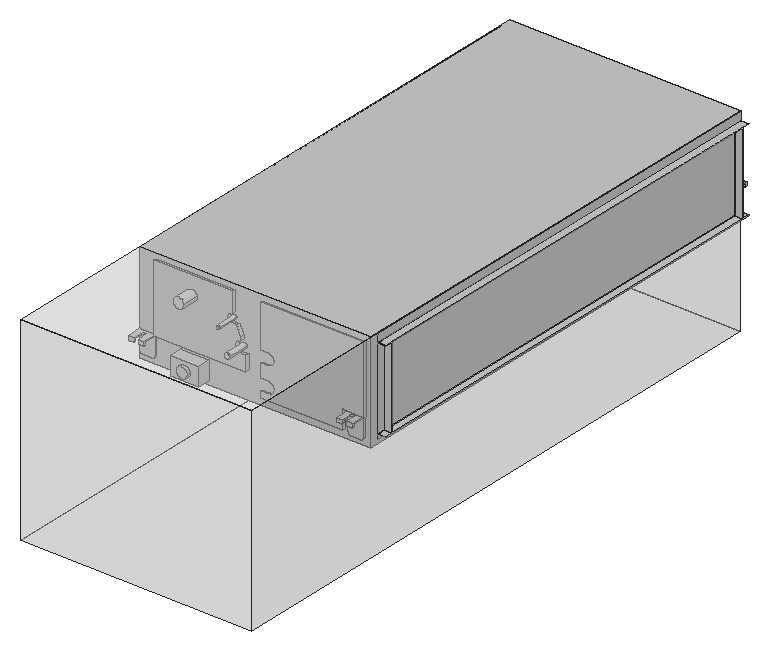
Revit family "outputfile", category 機械設備, Revit 2024
Family settings
  丸型コネクタ寸法 = 半径を使用
  パーツ タイプ = 標準
  OmniClass 番号 = 23.75.10.24.21.27.27
  OmniClass タイトル = Split System Air Conditioning Units
  作業面ベース = いいえ
  常に垂直 = はい
  ロード時にボイドで切り取り = いいえ
  注釈の向きを維持 = いいえ
  共有 = いいえ
  部屋計算ポイント = はい
Parameters (values of type "FXMQ100PBV1")
  製造元 = "Daikin"
  書き出し IFC クラス(タイプ) = "IfcUnitaryEquipmentType"
  定義済み IFC タイプ(タイプ) = "AIRCONDITIONINGUNIT"
  モデル = "FXMQ100PBV1"
  r_Liquid Pipe Size = Liquid Pipe Size / 2  # 4.75 mm
  r_Gas Pipe Size = Gas Pipe Size / 2  # 7.95 mm
  r_Drain Pipe Size = Drain Pipe Size / 2  # 16.0 mm
  lw_power = 396.0 mm  # constant formula
  lh_SA = 165.0 mm  # constant formula
  lw_SA = if(Depth = 550.0 mm, 210.0 mm, if(Depth = 700.0 mm, 285.0 mm, if(Depth = 1000.0 mm, 435.0 mm, 635.0 mm)))  # 635.0 mm
  lw_RA = if(Depth = 550.0 mm, 288.0 mm, if(Depth = 700.0 mm, 363.0 mm, if(Depth = 1000.0 mm, 513.0 mm, 713.0 mm)))  # 713.0 mm
  lh_power = 60.0 mm + [h***]  # 60.0 mm
  lh_mountinghole1 = lh_mountinghole + [h***]  # 80.0 mm
  lh_RA = 150.0 mm  # constant formula
  ld_power = Depth / 2  # 700.0 mm
  Voltage_comment_60Hz = "220-240"
  Voltage_comment_50Hz = "220-240"
  Voltage_60Hz = 220 V
  Voltage_50Hz = 220 V
  Supply Air Direction [instance] = yes
  Phase_60Hz = 1
  Phase_50Hz = 1
  Minimum External Static Pressure = 50.00 Pa
  Minimum Circuit Amps_60Hz = 2.9 A
  Minimum Circuit Amps_50Hz = 2.9 A
  Maximum Fuse Amps_60Hz = 16.0 A
  Maximum Fuse Amps_50Hz = 16.0 A
  Maximum External Static Pressure = 200.00 Pa
  Material_Casing = DAIKIN_GalvanizedSteel_Casing_indoorunit
  lw_mountinghole = 631.0 mm  # constant formula
  lh_gaspipe = 144.0 mm + [h***]  # 144.0 mm
  lh_mountinghole = 80.0 mm  # constant formula
  lh_liquidpipe = 212.0 mm + [h***]  # 212.0 mm
  lh_drainpipe = 232.0 mm + [h***]  # 232.0 mm
  lh_antena = Height - lh_mountinghole + 1.0 mm  # 221.0 mm
  ld_drainpipe = Depth / 2 + 59.0 mm  # 759.0 mm
  ld_liquidpipe = 765.0 mm
  ld_gaspipe = 765.0 mm
  ld_mountinghole = Depth + 38.0 mm  # 1438.0 mm
  h*** = 0.0 mm  # constant formula
  lw_liquidpipe = 290.0 mm  # constant formula
  lw_gaspipe = 318.0 mm  # constant formula
  lw_drainpipe = 167.0 mm  # constant formula
  Width = 700.0 mm
  Version = "ver.1.0"
  Unit Type = "Duct_M.S.P."
  Unit Mass Weight = 45.00 kg
  Unit Designation [instance] = ""
  Uniclass2015Version = "Products v1.30"
  Uniclass2015Title = "Variable refrigerant flow units"
  Uniclass2015Code = "Pr_70_65_03_94"
  Total Heating Capacity [instance] = 0.000 kW
  Total Cooling Capacity [instance] = 0.000 kW
  Sound Pressure Level_L speed (dBA) = 39
  Sound Pressure Level_H speed (dBA) = 41
  Series = "VRV Fan Coil Unit"
  Sensible Cooling Capacity [instance] = 0.000 kW
  SA Duct Size Width = if(Depth = 550.0 mm, 310.0 mm, if(Depth = 700.0 mm, 460.0 mm, if(Depth = 1000.0 mm, 760.0 mm, 1160.0 mm)))  # 1160.0 mm
  SA Duct Size Height = 215.0 mm
  Refrigerant Type = "R410A"
  RA Duct Size Width = if(Depth = 550.0 mm, 475.0 mm, if(Depth = 700.0 mm, 625.0 mm, if(Depth = 1000.0 mm, 925.0 mm, 1325.0 mm)))  # 1325.0 mm
  RA Duct Size Height = 247.0 mm
  Power Input (Heating) = 0.203 kW
  Power Input (Cooling) = 0.215 kW
  Option Accessory 3 [instance] = ""
  Option Accessory 2 [instance] = ""
  Option Accessory 1 [instance] = ""
  Nominal Heating Capacity = 12.500 kW
  Nominal Cooling Capacity = 11.200 kW
  Minimum Airflow = 1380.00 m³/h
  Median Airflow = 0.00 m³/h
  Maximum Airflow = 1620.00 m³/h
  Load Classification = HVAC
  Liquid Pipe Size = 9.5 mm
  Link_Nested Family [instance] = ""
  IfcVersion = ""
  IfcExportType = "AIRCONDITIONINGUNIT"
  IfcExportAs = "IfcUnitaryEquipmentType"
  Height = 300.0 mm
  Heating Entering Wet Bulb Temperature [instance] = 0.00 °C
  Heating Entering Dry Bulb Temperature [instance] = 0.00 °C
  Heating Ambient Wet Bulb Temperature [instance] = 0.00 °C
  Heating Ambient Dry Bulb Temperature [instance] = 0.00 °C
  Heat Exchanger Type = "Cross Fin Coil"
  Gas Pipe Size = 15.9 mm
  Frequency_60Hz = 60 Hz
  Frequency_50Hz = 50 Hz
  Fan Type = "Sirocco Fan"
  Fan Drive = "Direct Drive"
  FCU Tag No. [instance] = ""
  Drain Pipe Size = 32.0 mm
  Design Supply Airflow [instance] = 0.00 m³/h
  Design Return Airflow [instance] = 0.00 m³/h
  Design External Static Pressure [instance] = 0.00 Pa
  Depth = 1400.0 mm
  既定の高さ = 0.0 mm
  Cooling Entering Wet Bulb Temperature [instance] = 0.00 °C
  Cooling Entering Dry Bulb Temperature [instance] = 0.00 °C
  Cooling Ambient Wet Bulb Temperature [instance] = 0.00 °C
  Cooling Ambient Dry Bulb Temperature [instance] = 0.00 °C
  Clearance visibility [instance] = yes
  Clearance Top = 0.0 mm
  Clearance Right = 0.0 mm
  Clearance Rear = 0.0 mm
  Clearance Left = 0.0 mm
  Clearance Front = 450.0 mm
  Clearance Bottom = 300.0 mm
Reference planes
  plane 1 "Center (Front/Back)": y = 0
  plane 2 "h": z = 0
  plane 3 "Center (Left/Right)": x = 0
  plane 4 "Back": y = 700
  plane 5 "Front": y = -700
  plane 6 "Left": x = -350
  plane 7 "Reight": x = 350
  plane 8 "Top": z = 0
  plane 9 "Bottom": z = -300
  plane 10: y = -215
  plane 11: y = 700
  plane 12: y = -1150
  plane 13: x = -350
  plane 14: x = 350
  plane 15: z = 0
  plane 16: z = -600
  plane 17: x = -350
  plane 18: z = -135
  plane 19: x = -349
  plane 20: x = 349
  plane 21: y = 65
  plane 22: y = 13
  plane 23: z = -150
  plane 24: y = -710.8
  plane 25: z = -14
  plane 26: z = -219
  plane 27: x = -60
  plane 28: x = -20
  plane 29: z = -156
  plane 30: x = -32
  plane 31: z = -88
  plane 32: x = 23
  plane 33: x = 335
  plane 34: z = -15.8
  plane 35: z = -274.8
  plane 36: z = -219.8
  plane 37: x = 271
  plane 38: x = -223.3
  plane 39: x = -138.3
  plane 40: z = -232.7
  plane 41: z = -288.5
  plane 42: y = -741
  plane 43: x = -181
  plane 44: z = -260
  plane 45: y = -749
  plane 46: z = -163.8
  plane 47: z = -239.8
  plane 48: x = 46
  plane 49: z = -88
  plane 50: x = -60
  plane 51: y = -765
  plane 52: z = -156
  plane 53: x = -32
  plane 54: y = -759
  plane 55: z = -68
  plane 56: x = -183
  plane 57: x = -183
  plane 58: x = -60
  plane 59: x = -32
  plane 60: x = 46
  plane 61: x = -323
  plane 62: x = 308
  plane 63: y = -719
  plane 64: y = 719
  plane 65: z = -220
  plane 66: y = -706
  plane 67: x = -298.5
  plane 68: x = -374
  plane 69: x = 374
Forms (mm)
  Extrusion 1, solid, material "DAIKIN_GalvanizedSteel_Casing_indoorunit" <- "Material_Casing"
    sketch origin (0, 0, 0) x (1, 0, 0) y (0, 1, 0)
      loop
        line (-349, 700) -> (-349, -700) -> (349, -700) -> (349, 700) -> (-349, 700)
    from -300 to 0
  Extrusion 2, solid, material "DAIKIN_GalvanizedSteel_Casing_indoorunit" <- "Material_Casing"
    sketch origin (0, 0, 0) x (1, 0, 0) y (0, 0, 1)
      loop
        line (-298.5, -219) -> (-20, -219) -> (-20, -173.5) -> (-32, -173.5)
        arc (-32, -173.5) -> (-49.471, -157.002) -> (-34, -138.615) r 17.5
        line (-34, -138.615) -> (-34, -127.5) -> (-47, -101) -> (-60, -101)
        arc (-60, -101) -> (-73, -88) -> (-60, -75) r 13
        line (-60, -75) -> (-60, -14) -> (-298.5, -14) -> (-298.5, -219)
    from 700 to 710.8
  Extrusion 3, solid, material "DAIKIN_GalvanizedSteel_Casing_indoorunit" <- "Material_Casing"
    sketch origin (0, 0, 0) x (1, 0, 0) y (0, 0, 1)
      loop
        line (23, -274.8) -> (271, -274.8) -> (271, -219.8) -> (335, -219.8) -> (335, -15.8) -> (23, -15.8) -> (23, -146.3) -> (46, -146.3)
        arc (46, -146.3) -> (63.5, -163.8) -> (46, -181.3) r 17.5
        line (46, -181.3) -> (23, -181.3) -> (23, -222.3) -> (46, -222.3)
        arc (46, -222.3) -> (63.5, -239.8) -> (46, -257.3) r 17.5
        line (46, -257.3) -> (23, -257.3) -> (23, -274.8)
    from 700 to 706
  Extrusion 4, solid, material "DAIKIN_GalvanizedSteel_Casing_indoorunit" <- "Material_Casing"
    sketch origin (0, 0, 0) x (1, 0, 0) y (0, 0, 1)
      loop
        line (-223.3, -232.7) -> (-223.3, -288.5) -> (-138.3, -288.5) -> (-138.3, -232.7) -> (-223.3, -232.7)
    from 700 to 741
  Extrusion 5, solid, material "DAIKIN_GalvanizedSteel_Casing_indoorunit" <- "Material_Casing"
    sketch origin (0, 0, 0) x (1, 0, 0) y (0, 0, 1)
      loop
        circle (-181, -260) r 16.5
    from 741 to 749
  Extrusion 6, solid
    sketch origin (0, 0, 0) x (1, 0, 0) y (0, 0, 1)
      loop
        circle (-60, -88) r 4.75
    from 700 to 765
  Extrusion 7, solid
    sketch origin (0, 0, 0) x (1, 0, 0) y (0, 0, 1)
      loop
        circle (-32, -156) r 7.95
    from 700 to 765
  Extrusion 8, solid
    sketch origin (0, 0, 0) x (1, 0, 0) y (0, 0, 1)
      loop
        circle (-183, -68) r 16
    from 710.8 to 759
Dimensions and locks
  "Height": plane 8 "Top" to plane 9 "Bottom"
  equal spacing: plane 4 "Back", plane 1 "Center (Front/Back)", plane 5 "Front"
  "Depth": plane 4 "Back" to plane 5 "Front"
  equal spacing: plane 6 "Left", plane 3 "Center (Left/Right)", plane 7 "Reight"
  "Width": plane 6 "Left" to plane 7 "Reight"
  "Clearance Left": plane 13 to plane 6 "Left"
  "Clearance Right": plane 7 "Reight" to plane 14
  "Clearance Rear": plane 11 to plane 4 "Back"
  "Clearance Front": plane 5 "Front" to plane 12
  "Clearance Top": plane 15 to plane 8 "Top"
  "Clearance Bottom": plane 9 "Bottom" to plane 16
  "lh_SA": plane 18 to plane 9 "Bottom"
  locked: plane 17 to plane 19 at 1
  "lw_SA": plane 4 "Back" to plane 21
  "lw_RA": plane 22 to plane 5 "Front"
  "lh_RA": plane 23 to plane 9 "Bottom"
  locked: plane 5 "Front" to plane 24 at 10.8
  plane 30 to plane 27 to plane 6 "Left" = 28.0 mm locked, 290.0 mm locked
  plane 33 to plane 32 to plane 6 "Left" = 312.0 mm locked, 373.0 mm locked
  locked: plane 33 to plane 37 at 64
  locked: plane 36 to plane 35 at 55
  plane 39 to plane 38 to plane 6 "Left" = 85.0 mm locked, 126.7 mm locked
  locked: plane 5 "Front" to plane 42 at 41
  locked: plane 43 to plane 6 "Left" at 169
  locked: plane 42 to plane 45 at 8
  plane 46 to plane 47 to plane 35 = 76.0 mm locked, 35.0 mm locked
  locked: plane 48 to plane 32 at 23
  "lw_liquidpipe": plane 50 to plane 6 "Left"
  "lh_liquidpipe": plane 49 to plane 9 "Bottom"
  "lh_gaspipe": plane 52 to plane 9 "Bottom"
  "lw_gaspipe": plane 53 to plane 6 "Left"
  "ld_gaspipe": plane 51 to plane 1 "Center (Front/Back)"
  "ld_drainpipe": plane 54 to plane 1 "Center (Front/Back)"
  "lh_drainpipe": plane 55 to plane 9 "Bottom"
  "lw_drainpipe": plane 56 to plane 6 "Left"
  "lw_drainpipe": plane 6 "Left" to plane 57
  "lw_liquidpipe": plane 6 "Left" to plane 58
  "lw_gaspipe": plane 6 "Left" to plane 59
  "lw_power": plane 6 "Left" to plane 60
  plane 17 to plane 61 = 27.0 mm
  "lw_mountinghole": plane 61 to plane 62
  equal spacing: plane 63, plane 1 "Center (Front/Back)", plane 64
  "ld_mountinghole": plane 64 to plane 63
  "lh_mountinghole": plane 65 to plane 9 "Bottom"
  plane 8 "Top" to plane 40 to plane 41 = 232.7 mm locked, 55.8 mm locked
  locked: plane 8 "Top" to plane 44 at 260
  plane 8 "Top" to plane 25 to plane 26 = 14.0 mm locked, 205.0 mm locked
  plane 8 "Top" to plane 31 to plane 29 = 88.0 mm locked, 68.0 mm locked
  plane 8 "Top" to plane 34 to plane 35 = 15.8 mm locked, 259.0 mm locked
  locked: plane 5 "Front" to plane 66 at 6
  locked: plane 68 to plane 6 "Left" at 24
  locked: plane 7 "Reight" to plane 69 at 24
  locked: plane 67 to plane 13 at 51.5
  locked: plane 28 to plane 30 at 12
  locked: Extrusion 2 sketch curve to plane 27 at 26
  plane 5 "Front" to plane 51 = 65.0 mm
  plane 5 "Front" to plane 54 = 59.0 mm
  locked: plane 20 to plane 7 "Reight" at 1
  "r_Liquid Pipe Size": radius of Extrusion 6 sketch curve
  "r_Gas Pipe Size": radius of Extrusion 7 sketch curve
  "r_Drain Pipe Size": radius of Extrusion 8 sketch curve
  aligned and locked: level to plane 2 "h"
  aligned and locked: plane 8 "Top" to Extrusion 1
  aligned and locked: Extrusion 1 to plane 9 "Bottom"
  aligned and locked: nested 5 to plane 12
  aligned and locked: plane 13 to nested 5
  aligned and locked: plane 14 to nested 5
  aligned and locked: nested 5 to plane 13
  aligned and locked: plane 11 to nested 5
  aligned and locked: plane 15 to nested 5
  aligned and locked: plane 16 to nested 5
  aligned and locked: plane 5 "Front" to Extrusion 1 sketch curve
  aligned and locked: Extrusion 1 to plane 19
  aligned and locked: plane 20 to Extrusion 1
  aligned and locked: nested 7 to plane 19
  aligned and locked: nested 7 to plane 21
  aligned and locked: plane 18 to nested 7
  aligned and locked: plane 20 to nested 8
  aligned and locked: plane 22 to nested 8
  aligned and locked: plane 23 to nested 8
  aligned and locked: Extrusion 2 to plane 24
  aligned and locked: plane 5 "Front" to Extrusion 2
  aligned and locked: plane 35 to Extrusion 3 sketch curve
  aligned and locked: plane 37 to Extrusion 3 sketch curve
  aligned and locked: plane 36 to Extrusion 3 sketch curve
  aligned and locked: Extrusion 3 sketch curve to plane 33
  aligned and locked: Extrusion 3 sketch curve to plane 34
  aligned and locked: Extrusion 3 sketch curve to plane 32
  aligned and locked: plane 5 "Front" to Extrusion 3
  aligned and locked: Extrusion 4 sketch curve to plane 40
  aligned and locked: Extrusion 4 sketch curve to plane 38
  aligned and locked: plane 41 to Extrusion 4 sketch curve
  aligned and locked: plane 39 to Extrusion 4 sketch curve
  aligned and locked: Extrusion 4 to plane 42
  aligned and locked: plane 5 "Front" to Extrusion 4
  aligned and locked: Extrusion 5 sketch curve to plane 43
  aligned and locked: plane 44 to Extrusion 5 sketch curve
  aligned and locked: Extrusion 5 to plane 45
  aligned and locked: plane 42 to Extrusion 5
  aligned and locked: Extrusion 6 sketch curve to plane 50
  aligned and locked: plane 49 to Extrusion 6 sketch curve
  aligned and locked: Extrusion 6 to plane 51
  aligned and locked: plane 5 "Front" to Extrusion 6
  aligned and locked: Extrusion 7 sketch curve to plane 53
  aligned and locked: plane 52 to Extrusion 7 sketch curve
  aligned and locked: Extrusion 7 to Extrusion 6
  aligned and locked: plane 5 "Front" to Extrusion 7
  aligned and locked: Extrusion 8 sketch curve to plane 56
  aligned and locked: Extrusion 8 sketch curve to plane 55
  aligned and locked: Extrusion 8 to plane 54
  aligned and locked: plane 24 to Extrusion 8
  aligned and locked: nested 3 to plane 54
  aligned and locked: nested 3 to plane 57
  aligned and locked: nested 2 to plane 58
  aligned and locked: nested 2 to plane 51
  aligned and locked: nested 1 to plane 59
  aligned and locked: Extrusion 7 to plane 51
  aligned and locked: nested 1 to plane 51
  aligned and locked: nested 6 to plane 5 "Front"
  aligned and locked: nested 6 to plane 60
  aligned and locked: plane 61 to nested 10
  aligned and locked: nested 10 to plane 5 "Front"
  aligned and locked: plane 62 to nested 9
  aligned and locked: nested 9 to plane 5 "Front"
  aligned and locked: nested 11 to plane 61
  aligned and locked: plane 4 "Back" to nested 11
  aligned and locked: nested 12 to plane 62
  aligned and locked: plane 4 "Back" to nested 12
  aligned and locked: plane 65 to nested 10
  aligned and locked: plane 65 to nested 11
  aligned and locked: plane 65 to nested 9
  aligned and locked: plane 65 to nested 12
  aligned and locked: plane 61 to nested 14
  aligned and locked: nested 14 to plane 64
  aligned and locked: plane 62 to nested 13
  aligned and locked: nested 13 to plane 64
  aligned and locked: plane 62 to nested 16
  aligned and locked: plane 63 to nested 16
  aligned and locked: plane 63 to nested 15
  aligned and locked: plane 61 to nested 15
  aligned and locked: Extrusion 3 to plane 66
  aligned and locked: plane 67 to Extrusion 2 sketch curve
  aligned and locked: nested 17 to plane 21
  aligned and locked: nested 17 to plane 68
  aligned and locked: plane 18 to nested 17
  aligned and locked: plane 22 to nested 18
  aligned and locked: plane 69 to nested 18
  aligned and locked: nested 18 to plane 23
  aligned and locked: nested 4 to plane 3 "Center (Left/Right)"
  aligned and locked: plane 1 "Center (Front/Back)" to nested 4
  aligned and locked: level to plane 8 "Top"
  aligned and locked: Extrusion 2 sketch curve to plane 28
  aligned and locked: Extrusion 2 sketch curve to plane 26
Automatic sketch dimensions
  plane 6 "Left" to Extrusion 1 sketch curve = 1.0 mm
  Extrusion 1 sketch curve to plane 7 "Reight" = 1.0 mm
  Extrusion 1 sketch curve to plane 4 "Back" = 0.0 mm
  Extrusion 3 sketch curve to plane 32 = 0.0 mm  (x2)
  Extrusion 3 sketch curve to plane 46 = 0.0 mm
  Extrusion 3 sketch curve to plane 48 = 0.0 mm  (x2)
  Extrusion 3 sketch curve to plane 47 = 0.0 mm
  Extrusion 3 sketch curve to plane 36 = 2.5 mm
  plane 23 to Extrusion 3 sketch curve = 3.7 mm
  Extrusion 2 sketch curve to plane 25 = 0.0 mm
  plane 27 to Extrusion 2 sketch curve = 0.0 mm
  Extrusion 2 sketch curve to plane 30 = 0.0 mm
  Extrusion 2 sketch curve to plane 29 = 0.0 mm
  Extrusion 2 sketch curve to plane 31 = 0.0 mm
  Extrusion 2 sketch curve to Extrusion 2 sketch curve = 13.0 mm
  Extrusion 2 sketch curve to plane 29 = 17.5 mm
  Extrusion 2 sketch curve to plane 31 = 13.0 mm
  plane 18 to Extrusion 2 sketch curve = 7.5 mm
  radius of Extrusion 5 sketch curve = 16.5 mm
Nested families
  nested 1: "daikin_connector_rotate2" at (-32, 0, -156), length <- "ld_gaspipe", built-in parameter 1001364 <- "lh_gaspipe", radius <- "r_Gas Pipe Size", type "daikin_connector_rotate2"
    with radius 7.95 mm, length 765.0 mm, angle_vertical 90.00°
  nested 2: "daikin_connector_rotate2" at (-60, 0, -88), length <- "ld_liquidpipe", built-in parameter 1001364 <- "lh_liquidpipe", radius <- "r_Liquid Pipe Size", type "daikin_connector_rotate2"
    with radius 4.75 mm, length 765.0 mm, angle_vertical 90.00°
  nested 3: "daikin_connector_rotate2" at (-183, 0, -68), length <- "ld_drainpipe", built-in parameter 1001364 <- "lh_drainpipe", radius <- "r_Drain Pipe Size", type "daikin_connector_rotate2"
    with radius 16.0 mm, length 759.0 mm, angle_vertical 90.00°
  nested 4: "daikin_△_symbolicline" at (0, 0, 300) x (0, -1, 0) z (0, 0, 1), built-in parameter 1001364 <- "Height", visible <- "Supply Air Direction", type "daikin_△_symbolicline"
    with length 200.0 mm
  nested 5: "daikin_clearancespace" at (0, -225, -299.881), visible <- "Clearance visibility", show <- "Clearance visibility", Link_Nested Family <- "Link_Nested Family", type "daikin_clearancespace"
    with width 700.0 mm, show yes, height 600.0 mm, depth 1850.0 mm, Link_Nested Family ""
  nested 6: "daikin_connector_rotate2" at (46, 0, -240), built-in parameter 1001364 <- "lh_power", length <- "ld_power", type "daikin_connector_rotate2"
    with radius 10.0 mm, length 700.0 mm, angle_vertical 90.00°
  nested 7: "daikin_ductflange_FXMQ-PBV1_2" at (-349, 65, -135) x (0, -1, 0) z (0, 0, 1), type "daikin_ductflange_FXMQ-PBV1_2"
    with width 1160.0 mm, w 1400.0 mm
  nested 8: "daikin_ductflange_FXMQ-PBV1_1" at (349, 13, -150) x (0, 1, 0) z (0, 0, 1), type "daikin_ductflange_FXMQ-PBV1_1"
    with width 1325.0 mm, w 1400.0 mm
  nested 9: "daikin_hangerfixture_FXMQ-PBV1" at (308, -700, -220), type "daikin_hangerfixture_FXMQ-PBV1"
  nested 10: "daikin_hangerfixture_FXMQ-PBV1" at (-323, -700, -220), type "daikin_hangerfixture_FXMQ-PBV1"
  nested 11: "daikin_hangerfixture_FXMQ-PBV1" at (-323, 700, -220) x (-1, 0, 0) z (0, 0, 1), type "daikin_hangerfixture_FXMQ-PBV1"
  nested 12: "daikin_hangerfixture_FXMQ-PBV1" at (308, 700, -220) x (-1, 0, 0) z (0, 0, 1), type "daikin_hangerfixture_FXMQ-PBV1"
  nested 13: "daikin_mountinghole" at (308, 719, -300), h_mountinghole <- "lh_mountinghole1", l_antenna <- "lh_antena", Link_Nested Family <- "Link_Nested Family", type "daikin_mountinghole"
    with show yes, l_antenna 221.0 mm, h_mountinghole 80.0 mm, Link_Nested Family ""
  nested 14: "daikin_mountinghole" at (-323, 719, -300), h_mountinghole <- "lh_mountinghole1", l_antenna <- "lh_antena", Link_Nested Family <- "Link_Nested Family", type "daikin_mountinghole"
    with show yes, l_antenna 221.0 mm, h_mountinghole 80.0 mm, Link_Nested Family ""
  nested 15: "daikin_mountinghole" at (-323, -719, -300), h_mountinghole <- "lh_mountinghole1", l_antenna <- "lh_antena", Link_Nested Family <- "Link_Nested Family", type "daikin_mountinghole"
    with show yes, l_antenna 221.0 mm, h_mountinghole 80.0 mm, Link_Nested Family ""
  nested 16: "daikin_mountinghole" at (308, -719, -300), h_mountinghole <- "lh_mountinghole1", l_antenna <- "lh_antena", Link_Nested Family <- "Link_Nested Family", type "daikin_mountinghole"
    with show yes, l_antenna 221.0 mm, h_mountinghole 80.0 mm, Link_Nested Family ""
  nested 17: "daikin_connector_rotate2" at (-350, 65, -135) x (0, -1, 0) z (0, 0, 1), type "daikin_connector_rotate2"
    with radius 10.0 mm, length 24.0 mm, angle_vertical 90.00°
  nested 18: "daikin_connector_rotate2" at (350, 13, -150) x (0, 1, 0) z (0, 0, 1), type "daikin_connector_rotate2"
    with radius 10.0 mm, length 24.0 mm, angle_vertical 90.00°
Connectors
  piping at (-183, -759, -68), diameter 32, driven by "r_Drain Pipe Size"
    settings: on nested 3, index 3, connector inside diameter 609.6 mm, connector length 0.0 mm, flow factor 0, pipe flow 0.00 m³/h, pressure drop 0.0 Pa, fitting loss kfactor 0, connector angle 0.00°, fixture units 0, engagement length 0.0 mm, angle of deflection 0.00°, flow configuration 1, flow direction 2, fitting loss method 4, system type 16, joint type 0, gender type 0, connector reference index -1, connector utility 0, adjustable connector no, is connector primary yes, connector description "Condensate Drain Piping"
  piping at (-32, -765, -156), diameter 15.9, driven by "r_Gas Pipe Size"
    settings: on nested 1, index 4, connector inside diameter 609.6 mm, connector length 0.0 mm, flow factor 0, pipe flow 0.00 m³/h, pressure drop 0.0 Pa, fitting loss kfactor 0, connector angle 0.00°, fixture units 0, engagement length 0.0 mm, angle of deflection 0.00°, flow configuration 1, flow direction 2, fitting loss method 0, system type 29, joint type 0, gender type 0, connector reference index -1, connector utility 0, adjustable connector no, is connector primary no, connector description "Refrigerant Gas Piping"
  piping at (-60, -765, -88), diameter 9.5, driven by "r_Liquid Pipe Size"
    settings: on nested 2, index 5, connector inside diameter 609.6 mm, connector length 0.0 mm, flow factor 0, pipe flow 0.00 m³/h, pressure drop 0.0 Pa, fitting loss kfactor 0, connector angle 0.00°, fixture units 0, engagement length 0.0 mm, angle of deflection 0.00°, flow configuration 1, flow direction 1, fitting loss method 0, system type 29, joint type 0, gender type 0, connector reference index -1, connector utility 0, adjustable connector no, is connector primary no, connector description "Refrigerant Liquid Piping"
  electrical at (46, -700, -240), driven by "Load Classification"
    settings: on nested 6, index 6, voltage 0 V, apparent load 0 VA, apparent load phase1 0 VA, apparent load phase2 0 VA, apparent load phase3 0 VA, power factor 1, load classification "HVAC", number of poles 1, system type 30, power factor state 1, is connector primary yes, connector utility no, sub classification motor no, connector description "Power Supply"
  hvac at (-374, 65, -135), driven by "SA Duct Size Height", driven by "SA Duct Size Width"
    settings: on nested 17, index 7, duct flow 0.00 m³/h, flow factor 0, pres drop 0.00 Pa, loss coef 0, conn angle 0.00°, conn width 1160.0 mm, conn height 215.0 mm, conn diameter 609.6 mm, duct sys type 1, conn prof type 1, flow config 0, flow direction 2, loss method 4, conn ref index -1, conn util no, is conn primary yes, conn desc "SA Duct"
  hvac at (374, 13, -150), driven by "RA Duct Size Height", driven by "RA Duct Size Width"
    settings: on nested 18, index 8, duct flow 0.00 m³/h, flow factor 0, pres drop 0.00 Pa, loss coef 0, conn angle 0.00°, conn width 1325.0 mm, conn height 247.0 mm, conn diameter 609.6 mm, duct sys type 2, conn prof type 1, flow config 0, flow direction 1, loss method 4, conn ref index -1, conn util no, is conn primary no, conn desc "RA Duct"
Definition of nested family "daikin_clearancespace"
  Parameters (values of type "daikin_clearancespace")
    Description = "daikin_clearancespace"
    width [instance] = 1823.963 mm
    show [instance] = yes
    material = none
    height [instance] = 1359.762 mm
    depth [instance] = 880.0 mm
    Default Elevation = 0.0 mm
    Link_Nested Family [instance] = ""
  Reference planes
    plane 1 "Center (Front/Back)": y = 0
    plane 2 "Center (Elevation)": z = -0.119
    plane 3 "Center (Left/Right)": x = 0
    plane 4: y = 440
    plane 5: y = -440
    plane 6 "Right": x = 911.982
    plane 7 "Left": x = -911.982
    plane 8 "Top": z = 679.762
    plane 9 "Bottom": z = -680
  Forms (mm)
    Extrusion 1, solid, material <- "material", visible <- "show"
      sketch origin (0, 0, 0) x (1, 0, 0) y (0, 1, 0)
        loop
          line (-911.982, 440) -> (-911.982, -440) -> (911.982, -440) -> (911.982, 440) -> (-911.982, 440)
      from -680 to 679.762
  Lines and regions (mm)
    symbolic lines, visible <- "show"
      curve 1: line (911.982, 440, 0) -> (-911.982, 440, 0)
      curve 2: line (-911.982, 440, 0) -> (-911.982, -440, 0)
      curve 3: line (-911.982, -440, 0) -> (911.982, -440, 0)
      curve 4: line (911.982, -440, 0) -> (911.982, 440, 0)
      curve 5: line (911.982, 0, 679.762) -> (-911.982, 0, 679.762)
      curve 6: line (911.982, 0, -680) -> (911.982, 0, 679.762)
      curve 7: line (-911.982, 0, -680) -> (911.982, 0, -680)
      curve 8: line (-911.982, 0, 679.762) -> (-911.982, 0, -680)
      curve 9: line (0, 440, 679.762) -> (0, -440, 679.762)
      curve 10: line (0, -440, 679.762) -> (0, -440, -680)
      curve 11: line (0, 440, -680) -> (0, 440, 679.762)
      curve 12: line (0, -440, -680) -> (0, 440, -680)
  Dimensions and locks
    "width": plane 7 "Left" to plane 6 "Right"
    "depth": plane 4 to plane 5
    "height": plane 8 "Top" to plane 9 "Bottom"
    equal spacing: plane 7 "Left", plane 3 "Center (Left/Right)", plane 6 "Right"
    equal spacing: plane 4, plane 1 "Center (Front/Back)", plane 5
    equal spacing: plane 8 "Top", plane 2 "Center (Elevation)", plane 9 "Bottom"
    aligned and locked: level to plane 2 "Center (Elevation)"
    aligned and locked: Extrusion 1 sketch curve to plane 4
    aligned and locked: plane 7 "Left" to Extrusion 1 sketch curve
    aligned and locked: Extrusion 1 sketch curve to plane 5
    aligned and locked: Extrusion 1 sketch curve to plane 6 "Right"
    aligned and locked: plane 8 "Top" to Extrusion 1
    aligned and locked: curve 1 to Extrusion 1
    aligned and locked: curve 2 to Extrusion 1
    aligned and locked: curve 3 to Extrusion 1
    aligned and locked: curve 4 to Extrusion 1
    aligned and locked: curve 5 to Extrusion 1
    aligned and locked: curve 6 to Extrusion 1
    aligned and locked: curve 7 to Extrusion 1
    aligned and locked: curve 8 to Extrusion 1
    aligned and locked: curve 9 to Extrusion 1
    aligned and locked: curve 10 to Extrusion 1
    aligned and locked: curve 11 to Extrusion 1
    aligned and locked: curve 12 to Extrusion 1
    aligned and locked: Extrusion 1 to plane 9 "Bottom"
Definition of nested family "daikin_ductflange_FXMQ-PBV1_2"
  Parameters (values of type "daikin_ductflange_FXDSQ-AVM2")
    width = if(w = 550.0 mm, 310.0 mm, if(w = 700.0 mm, 460.0 mm, if(w = 1000.0 mm, 760.0 mm, 1160.0 mm)))  # 310.0 mm
    material = none
    height = 215.0 mm
    depth = 1.0 mm
    w = 550.0 mm
    Default Elevation = 0.0 mm
  Reference planes
    plane 1 "Center (Front/Back)": y = 0
    plane 2: z = 0
    plane 3 "Center (Left/Right)": x = 0
    plane 4: z = 107.5
    plane 5: z = -107.5
    plane 6: y = -25
    plane 7: z = 132.5
    plane 8: z = 108.5
    plane 9: y = -1
    plane 10: x = -177.5
    plane 11: x = 177.5
    plane 12: z = -132.5
    plane 13: z = -108.5
    plane 14: y = -1
    plane 15: x = 155
    plane 16: x = -155
    plane 17: x = 156
    plane 18: z = 106.5
    plane 19: z = -106.5
    plane 20: x = -156
    plane 21: z = 106.5
    plane 22: z = -106.5
    plane 23: y = -1
  Forms (mm)
    Extrusion 1, solid, material <- "material"
      sketch origin (0, 0, 0) x (0, 1, 0) y (0, 0, 1)
        loop
          line (-25, 107.5) -> (0, 107.5) -> (0, 132.5) -> (-1, 132.5) -> (-1, 108.5) -> (-25, 108.5) -> (-25, 107.5)
      from -177.5 to 177.5
    Extrusion 2, solid, material <- "material"
      sketch origin (0, 0, 0) x (0, 1, 0) y (0, 0, 1)
        loop
          line (-25, -107.5) -> (-25, -108.5) -> (-1, -108.5) -> (-1, -132.5) -> (0, -132.5) -> (0, -107.5) -> (-25, -107.5)
      from -177.5 to 177.5
    Extrusion 3, solid, material <- "material"
      sketch origin (0, 0, 0) x (1, 0, 0) y (0, 0, 1)
        loop
          line (155, 107.5) -> (155, -107.5) -> (177.5, -107.5) -> (177.5, -106.5) -> (156, -106.5) -> (156, 106.5) -> (177.5, 106.5) -> (177.5, 107.5) -> (155, 107.5)
      from 0 to 25
    Extrusion 4, solid, material <- "material"
      sketch origin (0, 0, 0) x (1, 0, 0) y (0, 0, 1)
        loop
          line (-177.5, 107.5) -> (-177.5, 106.5) -> (-156, 106.5) -> (-156, -106.5) -> (-177.5, -106.5) -> (-177.5, -107.5) -> (-155, -107.5) -> (-155, 107.5) -> (-177.5, 107.5)
      from 0 to 25
    Extrusion 5, solid, material <- "material"
      sketch origin (0, 0, 0) x (1, 0, 0) y (0, 0, 1)
        loop
          line (-177.5, 107.5) -> (-177.5, -107.5) -> (-155, -107.5) -> (-155, 107.5) -> (-177.5, 107.5)
        loop
          line (177.5, 107.5) -> (155, 107.5) -> (155, -107.5) -> (177.5, -107.5) -> (177.5, 107.5)
      from 0 to 1
  Cuts and joins
    joined: Extrusion 1, Extrusion 2, Extrusion 3, Extrusion 4, Extrusion 5
  Dimensions and locks
    plane 4 to level to plane 5 = 107.5 mm locked, 107.5 mm locked
    locked: plane 6 to plane 1 "Center (Front/Back)" at 25
    locked: plane 9 to plane 1 "Center (Front/Back)" at 1
    locked: plane 8 to plane 4 at 1
    locked: plane 11 to plane 15 at 22.5
    locked: plane 16 to plane 10 at 22.5
    locked: plane 17 to plane 15 at 1
    locked: plane 4 to plane 18 at 1
    locked: plane 19 to plane 5 at 1
    "width": plane 15 to plane 16
    plane 4 to plane 5 = 215.0 mm
    equal spacing: plane 15, plane 3 "Center (Left/Right)", plane 16
    locked: plane 16 to plane 20 at 1
    locked: plane 4 to plane 21 at 1
    locked: plane 22 to plane 5 at 1
    locked: plane 23 to plane 1 "Center (Front/Back)" at 1
    aligned and locked: level to plane 2
    aligned and locked: Extrusion 1 to plane 10
    aligned and locked: plane 11 to Extrusion 1
    aligned and locked: plane 5 to Extrusion 2
    aligned and locked: Extrusion 2 to plane 1 "Center (Front/Back)"
    aligned and locked: plane 15 to Extrusion 3 sketch curve
    aligned and locked: Extrusion 3 sketch curve to Extrusion 2  (x2)
    aligned and locked: Extrusion 3 sketch curve to plane 11
    aligned and locked: plane 6 to Extrusion 3
    aligned and locked: Extrusion 2 to plane 10
    aligned and locked: plane 11 to Extrusion 2
    aligned and locked: Extrusion 4 sketch curve to Extrusion 1  (x2)
    aligned and locked: plane 5 to Extrusion 4 sketch curve
    aligned and locked: Extrusion 4 sketch curve to plane 16
    aligned and locked: Extrusion 4 sketch curve to plane 22
    aligned and locked: plane 20 to Extrusion 4 sketch curve
    aligned and locked: plane 21 to Extrusion 4 sketch curve
    aligned and locked: Extrusion 4 to plane 1 "Center (Front/Back)"
    aligned and locked: plane 6 to Extrusion 4
    aligned and locked: Extrusion 5 sketch curve to Extrusion 1  (x4)
    aligned and locked: Extrusion 5 sketch curve to Extrusion 4  (x2)
    aligned and locked: Extrusion 5 sketch curve to Extrusion 3  (x2)
    aligned and locked: Extrusion 5 to plane 1 "Center (Front/Back)"
    aligned and locked: plane 23 to Extrusion 5
  Automatic sketch dimensions
    Extrusion 1 sketch curve to plane 6 = 0.0 mm
    Extrusion 1 sketch curve to plane 7 = 0.0 mm
    Extrusion 1 sketch curve to plane 9 = 0.0 mm
    Extrusion 1 sketch curve to plane 1 "Center (Front/Back)" = 0.0 mm
    Extrusion 1 sketch curve to plane 4 = 0.0 mm
    Extrusion 1 sketch curve to plane 8 = 0.0 mm
    Extrusion 2 sketch curve to plane 6 = 0.0 mm
    plane 12 to Extrusion 2 sketch curve = 0.0 mm
    Extrusion 2 sketch curve to plane 14 = 0.0 mm
    Extrusion 2 sketch curve to plane 1 "Center (Front/Back)" = 0.0 mm
    plane 13 to Extrusion 2 sketch curve = 0.0 mm
    Extrusion 2 sketch curve to plane 5 = 0.0 mm
    Extrusion 3 sketch curve to plane 17 = 0.0 mm
    Extrusion 3 sketch curve to plane 19 = 0.0 mm
    Extrusion 3 sketch curve to plane 18 = 0.0 mm
    Extrusion 3 sketch curve to plane 4 = 0.0 mm
    Extrusion 4 sketch curve to plane 10 = 0.0 mm
Definition of nested family "daikin_ductflange_FXMQ-PBV1_1"
  Parameters (values of type "daikin_ductflange_FXDSQ-AVM")
    width = if(w = 550.0 mm, 475.0 mm, if(w = 700.0 mm, 625.0 mm, if(w = 1000.0 mm, 925.0 mm, 1325.0 mm)))  # 475.0 mm
    material = none
    height = 247.0 mm
    depth = 1.0 mm
    w = 550.0 mm
    Default Elevation = 0.0 mm
  Reference planes
    plane 1 "Center (Front/Back)": y = 0
    plane 2: z = 0
    plane 3 "Center (Left/Right)": x = 0
    plane 4: z = 123.5
    plane 5: z = -123.5
    plane 6: y = -25
    plane 7: z = 146.5
    plane 8: z = 124.5
    plane 9: y = -1
    plane 10: x = -260
    plane 11: x = 260
    plane 12: z = -137
    plane 13: z = -124.5
    plane 14: y = -1
    plane 15: x = 237.5
    plane 16: x = -237.5
    plane 17: x = 238.5
    plane 18: z = 122.5
    plane 19: z = -122.5
    plane 20: x = -238.5
    plane 21: z = 122.5
    plane 22: z = -122.5
    plane 23: y = -1
  Forms (mm)
    Extrusion 1, solid, material <- "material"
      sketch origin (0, 0, 0) x (0, 1, 0) y (0, 0, 1)
        loop
          line (-25, 123.5) -> (0, 123.5) -> (0, 146.5) -> (-1, 146.5) -> (-1, 124.5) -> (-25, 124.5) -> (-25, 123.5)
      from -260 to 260
    Extrusion 2, solid, material <- "material"
      sketch origin (0, 0, 0) x (0, 1, 0) y (0, 0, 1)
        loop
          line (-25, -123.5) -> (-25, -124.5) -> (-1, -124.5) -> (-1, -137) -> (0, -137) -> (0, -123.5) -> (-25, -123.5)
      from -260 to 260
    Extrusion 3, solid, material <- "material"
      sketch origin (0, 0, 0) x (1, 0, 0) y (0, 0, 1)
        loop
          line (237.5, 123.5) -> (237.5, -123.5) -> (260, -123.5) -> (260, -122.5) -> (238.5, -122.5) -> (238.5, 122.5) -> (260, 122.5) -> (260, 123.5) -> (237.5, 123.5)
      from 0 to 25
    Extrusion 4, solid, material <- "material"
      sketch origin (0, 0, 0) x (1, 0, 0) y (0, 0, 1)
        loop
          line (-260, 123.5) -> (-260, 122.5) -> (-238.5, 122.5) -> (-238.5, -122.5) -> (-260, -122.5) -> (-260, -123.5) -> (-237.5, -123.5) -> (-237.5, 123.5) -> (-260, 123.5)
      from 0 to 25
    Extrusion 5, solid, material <- "material"
      sketch origin (0, 0, 0) x (1, 0, 0) y (0, 0, 1)
        loop
          line (-260, 123.5) -> (-260, -123.5) -> (-237.5, -123.5) -> (-237.5, 123.5) -> (-260, 123.5)
        loop
          line (260, 123.5) -> (237.5, 123.5) -> (237.5, -123.5) -> (260, -123.5) -> (260, 123.5)
      from 0 to 1
  Cuts and joins
    joined: Extrusion 1, Extrusion 2, Extrusion 3, Extrusion 4, Extrusion 5
  Dimensions and locks
    plane 4 to level to plane 5 = 123.5 mm, 123.5 mm
    locked: plane 6 to plane 1 "Center (Front/Back)" at 25
    locked: plane 9 to plane 1 "Center (Front/Back)" at 1
    locked: plane 8 to plane 4 at 1
    locked: plane 11 to plane 15 at 22.5
    locked: plane 16 to plane 10 at 22.5
    locked: plane 17 to plane 15 at 1
    locked: plane 4 to plane 18 at 1
    locked: plane 19 to plane 5 at 1
    "width": plane 15 to plane 16
    equal spacing: plane 15, plane 3 "Center (Left/Right)", plane 16
    locked: plane 16 to plane 20 at 1
    locked: plane 4 to plane 21 at 1
    locked: plane 22 to plane 5 at 1
    locked: plane 23 to plane 1 "Center (Front/Back)" at 1
    equal spacing: plane 4, level, plane 5
    locked: plane 7 to plane 4 at 23
    locked: plane 5 to plane 12 at 13.5
    locked: plane 1 "Center (Front/Back)" to plane 14 at 1
    locked: plane 5 to plane 13 at 1
    locked: plane 4 to plane 5 at 247
    aligned and locked: level to plane 2
    aligned and locked: Extrusion 1 to plane 10
    aligned and locked: plane 11 to Extrusion 1
    aligned and locked: plane 5 to Extrusion 2
    aligned and locked: Extrusion 2 to plane 1 "Center (Front/Back)"
    aligned and locked: plane 15 to Extrusion 3 sketch curve
    aligned and locked: Extrusion 3 sketch curve to Extrusion 2  (x2)
    aligned and locked: Extrusion 3 sketch curve to plane 11
    aligned and locked: plane 6 to Extrusion 3
    aligned and locked: Extrusion 2 to plane 10
    aligned and locked: plane 11 to Extrusion 2
    aligned and locked: Extrusion 4 sketch curve to Extrusion 1  (x2)
    aligned and locked: plane 5 to Extrusion 4 sketch curve
    aligned and locked: Extrusion 4 sketch curve to plane 16
    aligned and locked: Extrusion 4 sketch curve to plane 22
    aligned and locked: plane 20 to Extrusion 4 sketch curve
    aligned and locked: plane 21 to Extrusion 4 sketch curve
    aligned and locked: Extrusion 4 to plane 1 "Center (Front/Back)"
    aligned and locked: plane 6 to Extrusion 4
    aligned and locked: Extrusion 5 sketch curve to Extrusion 1  (x4)
    aligned and locked: Extrusion 5 sketch curve to Extrusion 4  (x2)
    aligned and locked: Extrusion 5 sketch curve to Extrusion 3  (x2)
    aligned and locked: Extrusion 5 to plane 1 "Center (Front/Back)"
    aligned and locked: plane 23 to Extrusion 5
  Automatic sketch dimensions
    Extrusion 1 sketch curve to plane 6 = 0.0 mm
    Extrusion 1 sketch curve to plane 7 = 0.0 mm
    Extrusion 1 sketch curve to plane 9 = 0.0 mm
    Extrusion 1 sketch curve to plane 1 "Center (Front/Back)" = 0.0 mm
    Extrusion 1 sketch curve to plane 4 = 0.0 mm
    Extrusion 1 sketch curve to plane 8 = 0.0 mm
    Extrusion 2 sketch curve to plane 6 = 0.0 mm
    plane 12 to Extrusion 2 sketch curve = 0.0 mm
    Extrusion 2 sketch curve to plane 14 = 0.0 mm
    Extrusion 2 sketch curve to plane 1 "Center (Front/Back)" = 0.0 mm
    plane 13 to Extrusion 2 sketch curve = 0.0 mm
    Extrusion 2 sketch curve to plane 5 = 0.0 mm
    Extrusion 3 sketch curve to plane 17 = 0.0 mm
    Extrusion 3 sketch curve to plane 19 = 0.0 mm
    Extrusion 3 sketch curve to plane 18 = 0.0 mm
    Extrusion 3 sketch curve to plane 4 = 0.0 mm
    Extrusion 4 sketch curve to plane 10 = 0.0 mm
Definition of nested family "daikin_hangerfixture_FXMQ-PBV1"
  Parameters (values of type "daikin_hangerfixture_FXMQ-PAVE")
    width = 48.0 mm
    material = none
    height = 65.0 mm
    depth = 45.0 mm
    Default Elevation = 0.0 mm
  Reference planes
    plane 1 "Center (Front/Back)": y = 0
    plane 2: z = 0
    plane 3 "Center (Left/Right)": x = 0
    plane 4: y = 417.146
    plane 5: y = -45
    plane 6: x = -24
    plane 7: x = 24
    plane 8: z = -2.3
    plane 9: z = -65
    plane 10: y = -2.3
    plane 11: z = -12
    plane 12: y = -42.7
  Forms (mm)
    Extrusion 1, solid, material <- "material"
      sketch origin (0, 0, 0) x (1, 0, 0) y (0, 1, 0)
        loop
          line (24, 0) -> (-24, 0) -> (-24, -45) -> (-6, -45) -> (-6, -19)
          arc (-6, -19) -> (0, -13) -> (6, -19) r 6
          line (6, -19) -> (6, -45) -> (24, -45) -> (24, 0)
      from 0 to -2.3
    Extrusion 2, solid, material <- "material"
      sketch origin (0, 0, 0) x (1, 0, 0) y (0, 0, 1)
        loop
          line (24, -55) -> (24, 0) -> (-24, 0) -> (-24, -55)
          arc (-24, -55) -> (-21.071, -62.071) -> (-14, -65) r 10
          line (-14, -65) -> (14, -65)
          arc (14, -65) -> (21.071, -62.071) -> (24, -55) r 10
      from 0 to 2.3
    Extrusion 3, solid, material <- "material"
      sketch origin (0, 0, 0) x (1, 0, 0) y (0, 0, 1)
        loop
          line (-6, -9) -> (-6, 0) -> (-24, 0) -> (-24, -9)
          arc (-24, -9) -> (-23.121, -11.121) -> (-21, -12) r 3
          line (-21, -12) -> (-9, -12)
          arc (-9, -12) -> (-6.879, -11.121) -> (-6, -9) r 3
        loop
          line (6, 0) -> (6, -9)
          arc (6, -9) -> (6.879, -11.121) -> (9, -12) r 3
          line (9, -12) -> (21, -12)
          arc (21, -12) -> (23.121, -11.121) -> (24, -9) r 3
          line (24, -9) -> (24, 0) -> (6, 0)
      from 42.7 to 45
  Cuts and joins
    joined: Extrusion 1, Extrusion 2, Extrusion 3
  Dimensions and locks
    "width": plane 6 to plane 7
    "depth": plane 5 to plane 1 "Center (Front/Back)"
    plane 2 to plane 8 = 2.3 mm
    "height": plane 2 to plane 9
    locked: plane 10 to plane 1 "Center (Front/Back)" at 2.3
    locked: plane 2 to plane 11 at 12
    locked: plane 12 to plane 5 at 2.3
    aligned and locked: level to plane 2
    aligned and locked: Extrusion 1 sketch curve to plane 1 "Center (Front/Back)"
    aligned and locked: plane 7 to Extrusion 1
    aligned and locked: Extrusion 1 to plane 6
    aligned and locked: Extrusion 1 to plane 5  (x2)
    aligned and locked: Extrusion 1 to plane 8
    aligned and locked: plane 2 to Extrusion 1
    aligned and locked: plane 2 to Extrusion 2 sketch curve
    aligned and locked: Extrusion 2 to plane 9
    aligned and locked: Extrusion 2 to plane 10
    aligned and locked: Extrusion 2 to plane 1 "Center (Front/Back)"
    aligned and locked: plane 2 to Extrusion 3 sketch curve  (x2)
    aligned and locked: Extrusion 3 to plane 11  (x2)
    aligned and locked: plane 12 to Extrusion 3
    aligned and locked: Extrusion 3 to plane 5
  Automatic sketch dimensions
    Extrusion 1 sketch curve to plane 6 = 0.0 mm
    Extrusion 1 sketch curve to plane 5 = 0.0 mm  (x2)
    Extrusion 1 sketch curve to plane 3 "Center (Left/Right)" = 0.0 mm
    Extrusion 1 sketch curve to plane 7 = 0.0 mm
    Extrusion 1 sketch curve to plane 3 "Center (Left/Right)" = 6.0 mm
    plane 1 "Center (Front/Back)" to Extrusion 1 sketch curve = 19.0 mm
    Extrusion 2 sketch curve to plane 7 = 0.0 mm
    Extrusion 2 sketch curve to plane 7 = 10.0 mm
    Extrusion 2 sketch curve to plane 8 = 52.7 mm
    plane 6 to Extrusion 2 sketch curve = 10.0 mm
    Extrusion 2 sketch curve to plane 6 = 0.0 mm
    Extrusion 3 sketch curve to plane 6 = 0.0 mm
    Extrusion 3 sketch curve to plane 7 = 0.0 mm
    Extrusion 3 sketch curve to Extrusion 3 sketch curve = 3.0 mm  (x2)
    Extrusion 3 sketch curve to plane 8 = 6.7 mm
    Extrusion 3 sketch curve to plane 3 "Center (Left/Right)" = 9.0 mm
    Extrusion 3 sketch curve to plane 3 "Center (Left/Right)" = 6.0 mm
    plane 3 "Center (Left/Right)" to Extrusion 3 sketch curve = 6.0 mm
    Extrusion 3 sketch curve to plane 7 = 3.0 mm
    Extrusion 3 sketch curve to plane 8 = 9.7 mm
Definition of nested family "daikin_connector_rotate2"
  Parameters (values of type "daikin_connector_rotate2")
    Default Elevation = 1219.2 mm
    show_face = no
    radius [instance] = 10.0 mm
    length [instance] = 600.0 mm
    d_surface = 10.0 mm
    angle_vertical [instance] = 90.00°
  Reference planes
    plane 1 "Center (Front/Back)": y = 0
    plane 2: z = 0
    plane 3 "Center (Left/Right)": x = 0
  Forms (mm)
    Extrusion 1, solid, visible <- "show_face"
      sketch origin (0, -600, 0) x (1, 0, 0) y (0, 0, 1)
        loop
          circle (0, 0) r 10
      from 0 to -10
  Lines and regions (mm)
    reference lines
      curve 1: line (0, 0, 0) -> (0, -600, 0)
    symbolic lines
      curve 2: circle (0, 0, 0) r 5 normal (0, 0, 1)
    model lines, visible <- "show_face"
      curve 3: line (0, 0, 0) -> (0, -600, 0)
  Dimensions and locks
    "length": curve 1 to curve 1
    "length": curve 3 to curve 3
    "d_surface": Extrusion 1 to Extrusion 1
    "radius": radius of Extrusion 1 sketch curve
    "angle_vertical": angle curve 1 to plane 1 "Center (Front/Back)"
    "angle_vertical": angle curve 3 to plane 1 "Center (Front/Back)"
    aligned and locked: level to plane 2
    aligned and locked: plane 1 "Center (Front/Back)" to curve 1
    aligned and locked: plane 2 to curve 1
    aligned and locked: plane 1 "Center (Front/Back)" to curve 2
    aligned and locked: plane 3 "Center (Left/Right)" to curve 2
    aligned and locked: plane 1 "Center (Front/Back)" to curve 3
    aligned and locked: plane 2 to curve 3
    aligned and locked: Extrusion 1 to Extrusion 1
  Automatic sketch dimensions
    Extrusion 1 sketch curve to level = 0.0 mm
    Extrusion 1 sketch curve to plane 3 "Center (Left/Right)" = 0.0 mm
    radius of curve 2 = 5.0 mm
Definition of nested family "daikin_△_symbolicline"
  Parameters (values of type "daikin_△_symbolicline")
    length [instance] = 200.0 mm
    Default Elevation = 0.0 mm
  Reference planes
    plane 1 "Center (Front/Back)": y = 0
    plane 2: z = 0
    plane 3 "Center (Left/Right)": x = 0
  Lines and regions (mm)
    symbolic lines
      curve 1: line (0, -173.205, 0) -> (100, 0, 0)
      curve 2: line (100, 0, 0) -> (-100, 0, 0)
      curve 3: line (-100, 0, 0) -> (0, -173.205, 0)
  Dimensions and locks
    equal spacing: curve 3, plane 3 "Center (Left/Right)", curve 2
    "length": curve 3 to curve 2
    "length": curve 3 to curve 3
    "length": curve 1 to curve 1
    aligned and locked: level to plane 2
    aligned and locked: curve 2 to plane 1 "Center (Front/Back)"
    aligned and locked: plane 3 "Center (Left/Right)" to curve 3
Definition of nested family "daikin_mountinghole"
  Parameters (values of type "daikin_mountinghole")
    Default Elevation = 1219.2 mm
    Type Comments = "mountinghole"
    show [instance] = yes
    material = none
    l_centerline = 100.0 mm
    l_antenna [instance] = 100.0 mm
    h_mountinghole [instance] = 0.0 mm
    d_circle = 30.0 mm
    Link_Nested Family [instance] = ""
  Reference planes
    plane 1 "Center (Front/Back)": y = 0
    plane 2: z = 0
    plane 3 "Center (Left/Right)": x = 0
    plane 4: y = 50
    plane 5: x = -50
    plane 6: x = 50
    plane 7: y = -50
    plane 8 "h_mountinghole": z = 0
    plane 9: z = 100
  Lines and regions (mm)
    model lines, detail levels fine
      curve 1: circle (0, 0, 0) r 15 normal (0, 0, 1)
      curve 2: line (-50, 0, 0) -> (50, 0, 0)
      curve 3: line (0, 50, 0) -> (0, -50, 0)
    symbolic lines, detail levels fine
      curve 4: circle (0, 0, 0) r 15 normal (0, 0, 1)
      curve 5: line (-50, 0, 0) -> (50, 0, 0)
      curve 6: line (0, 50, 0) -> (0, -50, 0)
    model lines
      curve 7: line (0, 0, 100) -> (0, 0, 0)
  Dimensions and locks
    equal spacing: plane 4, plane 1 "Center (Front/Back)", plane 7
    "l_centerline": plane 4 to plane 7
    equal spacing: plane 5, plane 3 "Center (Left/Right)", plane 6
    "l_centerline": plane 5 to plane 6
    "l_antenna": plane 9 to plane 8 "h_mountinghole"
    "h_mountinghole": plane 8 "h_mountinghole" to plane 2
    "d_circle": diameter of curve 1
    "d_circle": diameter of curve 4
    aligned and locked: level to plane 2
    aligned and locked: plane 1 "Center (Front/Back)" to curve 1
    aligned and locked: plane 3 "Center (Left/Right)" to curve 1
    aligned and locked: plane 1 "Center (Front/Back)" to curve 2
    aligned and locked: curve 3 to plane 3 "Center (Left/Right)"
    aligned and locked: plane 6 to curve 2
    aligned and locked: plane 5 to curve 2
    aligned and locked: plane 4 to curve 3
    aligned and locked: plane 7 to curve 3
    aligned and locked: plane 1 "Center (Front/Back)" to curve 4
    aligned and locked: plane 3 "Center (Left/Right)" to curve 4
    aligned and locked: plane 6 to curve 5
    aligned and locked: plane 5 to curve 5
    aligned and locked: plane 1 "Center (Front/Back)" to curve 5
    aligned and locked: plane 4 to curve 6
    aligned and locked: plane 7 to curve 6
    aligned and locked: curve 6 to plane 3 "Center (Left/Right)"
    aligned and locked: curve 7 to plane 3 "Center (Left/Right)"
    aligned and locked: plane 9 to curve 7
    aligned and locked: plane 8 "h_mountinghole" to curve 7
